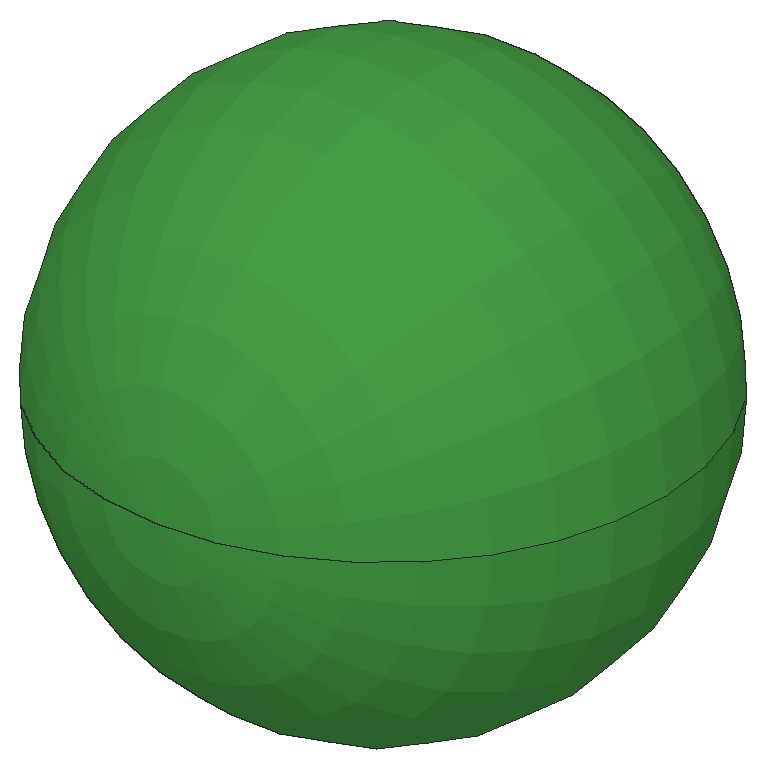
Revit family "hitpoint", category Modelos genéricos, Revit 2026
Family settings
  Pode hospedar o vergalhão = Não
  Cota do conector redondo = Utilizar diâmetro
  Tipo de parte = Normal
  Com base no plano de trabalho = Não
  Sempre na vertical = Sim
  Corte com vazios quando carregada = Não
  Manter orientação da anotação = Não
  Compartilhado = Não
  Ponto de cálculo do ambiente = Não
Parameters (values of type "Potencial Restaurador")
  Raio [instance] = 100 mm
  Material do Hitpoint = Potencial Restaurador
  Elevação padrão = 0 mm
  Duração do Fixation [instance] = 0
  Dilatação Média da Pupila [instance] = 0
  Cenário [instance] = "..."
Types (4, lengths in mm): name | Material do Hitpoint
  (no name) | Potencial Restaurador
  Potencial Restaurador | Potencial Restaurador
  Potencial Estressor | Potencial Estressor
  Potencial Neutro | Potencial Neutro
Reference planes
  plane 1 "Centro (Frente/Trás)": y = 0
  plane 2: z = 0
  plane 3 "Centro (Esquerda/Direita)": x = 0
Forms (mm)
  Revolve 1, solid, material "Potencial Restaurador" <- "Material do Hitpoint"
    sketch origin (0, 0, 0) x (1, 0, 0) y (0, 1, 0)
      loop
        line (0, 100) -> (0, -100)
        arc (0, -100) -> (100, 0) -> (0, 100) r 100
      axis (0, 100) -> (0, -100)
    angle from 0 to 360
Dimensions and locks
  "Raio": radius of Revolve 1 sketch curve
  aligned and locked: level to plane 2
Automatic sketch dimensions
  Revolve 1 sketch curve to plane 3 "Centro (Esquerda/Direita)" = 0 mm  (x2)
  plane 1 "Centro (Frente/Trás)" to Revolve 1 sketch curve = 0 mm
  plane 1 "Centro (Frente/Trás)" to Revolve 1 sketch curve = 7.833 mm
  Revolve 1 sketch curve to plane 1 "Centro (Frente/Trás)" = 10 mm
